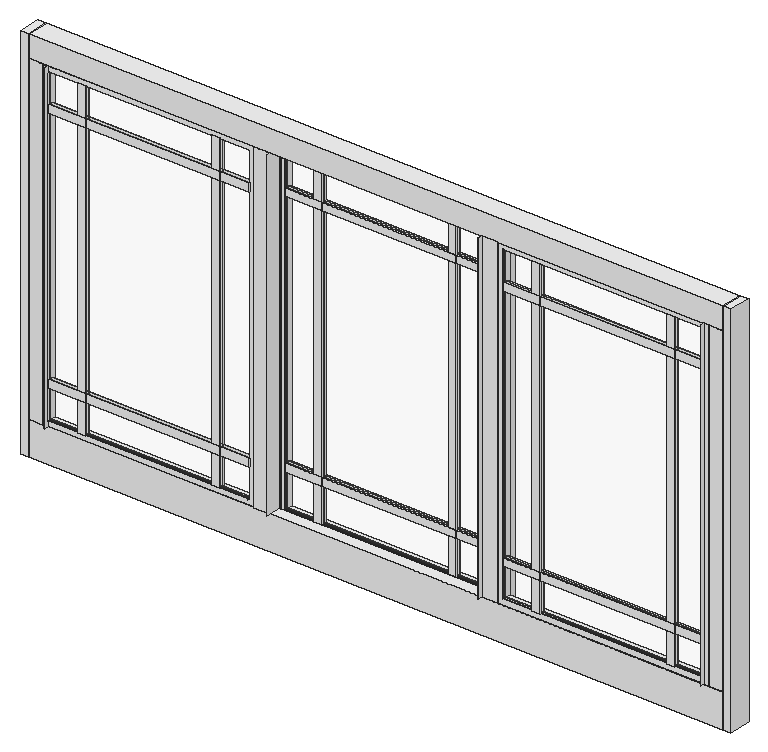
Revit family "Horizontal_Roller-PGT-Aluminum-HR710-XOX-Equald", category Windows, host Wall, Revit 2015
Parameters (values of type "Refer to Type Catalog")
  Width Calc Center = Width - (Width Calc + 6.755") * 2  # 25.49667"
  Width Calc = if(Equal Spacing, (Width - 13.51") / 3, (Width - 13.51") / 4)  # 25.49667"
  URL = "http://www.pgtindustries.com/"
  Type Comments = "XOX"  # constant formula
  Rough Width = Width  # 90"
  Rough Height = Height  # 48"
  Product Style Guide = "http://www.pgtindustries.com/pro-zone/architect/download?destination=node/97061"
  Product Page URL = "http://www.pgtindustries.com/product-overview/horizontal-roller-hr710-winguardr-aluminum-horizontal-roller-impact-resistant"
  Model = "HR710"  # constant formula
  Minimum Size = "52 1/8” x 14 5/8” OR 35 1/4” x 20 7/16”"  # constant formula
  Maximum Size = "85 1/8” x 63”"  # constant formula
  Manufacturer = "PGT Industries"  # constant formula
  Height Calc Center = Height - 7.058"  # 40.942"
  Height Calc = Height - 8.308"  # 39.692"
  Height = 48"
  Grid Type Right = Face_Based_Mullion_ 401 : BP
  Grid Type Left = Face_Based_Mullion_ 401 : BP
  Grid Type = Face_Based_Mullion_ 401 : BP
  Grid Layout Note = "To edit the grid layout ensure the 'Grid' parameter is turned on and then select an option from the 'Grid Type', 'Grid Type Left' & 'Grid Type Right' drop downs.  Please refer to the 'Product Style Guide' for standard configurations and restrictions."  # constant formula
  Grid = yes
  Finish = Metal - PGT - Paint - White
  Equal Spacing = yes
  Description = "Aluminum Horizontal Roller"  # constant formula
  Default Sill Height = 36"
  Wall Closure = By host
  Width = 90"
  Custom Design Note = "The types included show default grid/size configurations.  Please reference the 'Product Style Guide' to see all standard configurations and restrictions before creating custom designs.  Please contact PGT Industries with any questions regarding custom designs."  # constant formula
  Color Glass = Glass - PGT - Clear
  BP Calc Center = Width Calc / 6 + 5/8"  # 4.87444"
  BP Calc = Width Calc / 6  # 4.24944"
  Assembly Code = "B2020110"
  Analytic Construction = "<None>"
Reference planes (in)
  plane 1 "Center (Front/Back)": y = 0
  plane 2: z = 0
  plane 3 "Center (Left/Right)": x = 0
  plane 4 "Left": x = -45
  plane 5 "Right": x = 45
  plane 6 "Sill": z = 36
  plane 7 "Top": z = 84
  plane 8: x = 42.161
  plane 9: x = -12.74833
  plane 10: x = 15.41433
  plane 11: x = 12.74833
  plane 12: z = 82.001
  plane 13: z = 81.25
  plane 14: z = 40.308
  plane 15: z = 39.652
  plane 16 "Exterior Face of Wall": y = 3
  plane 17 "Exteior Face of Window": y = 3.062
  plane 18 "Interior Face of Window": y = 0.352
  plane 19: y = 0.414
  plane 20: x = 43.963
  plane 21: x = -13.37333
  plane 22: x = 16.03933
  plane 23: x = 13.37333
  plane 24: x = -42.161
  plane 25: x = -43.963
  plane 26: x = -15.41433
  plane 27: x = -16.03933
  plane 28: x = 41.536
  plane 29: x = -41.536
  plane 30: z = 40.933
  plane 31: z = 80.625
  plane 32: z = 81.875
  plane 33 "Exterior Face of Glass RL": y = 0.68949
  plane 34 "Exterior Face of Glass Center": y = 2.353
  plane 35: x = -28.78767
  plane 36: x = 28.78767
  plane 37: z = 60.779
  plane 38: y = -0.148
Forms (in)
  Sweep 1, solid, material "Metal - PGT - Paint - White" <- "Finish"
    path origin (0, 3, 0) x (-1, 0, 0) y (0, 0, 1)
      loop
        line (-12.74833, 81.25) -> (-12.74833, 40.308) -> (12.74833, 40.308) -> (12.74833, 81.25) -> (-12.74833, 81.25)
    profile "Profile-Sash : Profile-Sash" origin (0, 3, 81.25) x (0, 0, 1) y (0, 1, 0)
      loop
        line (0, 0) -> (0, -0.647) -> (0.503, -0.647) -> (0.503, -1.048) -> (0, -1.048) -> (0, -1.12299) -> (0.625, -1.12299) -> (0.625, 0) -> (0, 0)
  Sweep 2, solid, material "Metal - PGT - Paint - White" <- "Finish"
    path origin (-86.82032, 0.414, 48) x (-1, 0, 0) y (0, 0, 1)
      loop
        line (-102.23465, 33.25) -> (-128.98132, 33.25) -> (-128.98132, -7.692) -> (-102.23465, -7.692) -> (-102.23465, 33.25)
    profile "Profile-Sash_Inside : Profile-Sash_Inside" origin (28.78767, 0.414, 81.25) x (0, 0, -1) y (0, 1, 0)
      loop
        line (0.625, 1.12299) -> (0, 1.12299) -> (0, 0) -> (0.625, 0) -> (0.625, 0.07499) -> (0.122, 0.07499) -> (0.122, 0.47599) -> (0.625, 0.47599) -> (0.625, 1.12299)
  Extrusion 3, solid, material "Glass - PGT - Clear" <- "Color Glass"
    sketch origin (15.41433, 9, -12) x (0, 0, -1) y (0, 1, 0)
      loop
        line (-92.625, -8.51101) -> (-52.933, -8.51101) -> (-52.933, -8.38601) -> (-92.625, -8.38601) -> (-92.625, -8.51101)
      loop
        line (-52.933, -8.11001) -> (-92.625, -8.11001) -> (-92.625, -8.23501) -> (-52.933, -8.23501) -> (-52.933, -8.11001)
    from 0.625 to 26.12167
  Extrusion 4, solid, material "Metal - PGT - Paint - White" <- "Finish"
    sketch origin (0, 0, 36) x (0, -1, 0) y (1, 0, 0)
      loop
        line (-3.062, 45) -> (-3.062, 43.963) -> (-0.352, 43.963) -> (-0.352, 45) -> (-3.062, 45)
      loop
        line (-3.062, -45) -> (-0.352, -45) -> (-0.352, -43.963) -> (-3.062, -43.963) -> (-3.062, -45)
    from 0 to 48
  Extrusion 5, solid, material "Glass - PGT - Clear" <- "Color Glass"
    sketch origin (-12.74833, 9, 156) x (0, 0, 1) y (0, 1, 0)
      loop
        line (-74.75, -7.048) -> (-74.75, -6.923) -> (-115.692, -6.923) -> (-115.692, -7.048) -> (-74.75, -7.048)
      loop
        line (-74.75, -6.647) -> (-115.692, -6.647) -> (-115.692, -6.772) -> (-74.75, -6.772) -> (-74.75, -6.647)
    from 0 to -25.49667
  Extrusion 6, solid, material "Metal - PGT - Paint - White" <- "Finish"
    sketch origin (0, 0, 0) x (0, 1, 0) y (0, 0, 1)
      loop
        line (3.062, 84) -> (0.352, 84) -> (0.352, 81.25) -> (1.87701, 81.25) -> (1.87701, 81.875) -> (3.062, 81.875) -> (3.062, 84)
    from -43.963 to 43.963
  Extrusion 7, solid, material "Metal - PGT - Paint - White" <- "Finish"
    sketch origin (0, 0, 0) x (0, 1, 0) y (0, 0, 1)
      loop
        line (0.352, 36) -> (3.062, 36) -> (3.062, 39.683) -> (1.87701, 39.683) -> (1.87701, 40.308) -> (0.352, 40.308) -> (0.352, 36)
    from -43.963 to 43.963
  Extrusion 8, solid, material "Metal - PGT - Paint - White" <- "Finish"
    sketch origin (0, 0, 36) x (0, -1, 0) y (1, 0, 0)
      loop
        line (-3.062, 15.41433) -> (-3.062, 13.37333) -> (-1.87701, 13.37333) -> (-1.87701, 15.41433) -> (-3.062, 15.41433)
    from 3.683 to 45.875
  Extrusion 9, solid, material "Metal - PGT - Paint - White" <- "Finish"
    sketch origin (0, 0, 36) x (0, -1, 0) y (1, 0, 0)
      loop
        line (-1.87701, 13.37333) -> (0.148, 13.37333) -> (0.148, 13.43333) -> (-0.352, 13.43333) -> (-0.352, 15.41433) -> (-1.87701, 15.41433) -> (-1.87701, 13.37333)
      loop
        line (-1.87701, 43.963) -> (-1.87701, 42.50102)
        arc (-1.87701, 42.50102) -> (-1.77742, 42.26059) -> (-1.53699, 42.161) r 0.34002
        line (-1.53699, 42.161) -> (-0.414, 42.161) -> (-0.414, 41.536) -> (0.148, 41.536) -> (0.148, 41.596) -> (-0.352, 41.596) -> (-0.352, 43.963) -> (-1.87701, 43.963)
    from 4.308 to 45.25
  Sweep 10, solid, material "Metal - PGT - Paint - White" <- "Finish"
    path origin (86.82032, 0.414, 48) x (1, 0, 0) y (0, 0, -1)
      loop
        line (-102.23465, -33.25) -> (-102.23465, 7.692) -> (-128.98132, 7.692) -> (-128.98132, -33.25) -> (-102.23465, -33.25)
    profile "Profile-Sash_Inside : Profile-Sash_Inside" origin (-28.78767, 0.414, 81.25) x (0, 0, 1) y (0, 1, 0)
      loop
        line (-0.625, 1.12299) -> (-0.625, 0.47599) -> (-0.122, 0.47599) -> (-0.122, 0.07499) -> (-0.625, 0.07499) -> (-0.625, 0) -> (0, 0) -> (0, 1.12299) -> (-0.625, 1.12299)
  Extrusion 11, solid, material "Metal - PGT - Paint - White" <- "Finish"
    sketch origin (0, 0, 36) x (0, -1, 0) y (1, 0, 0)
      loop
        line (-3.062, -15.41433) -> (-1.87701, -15.41433) -> (-1.87701, -13.37333) -> (-3.062, -13.37333) -> (-3.062, -15.41433)
    from 3.683 to 45.875
  Extrusion 12, solid, material "Metal - PGT - Paint - White" <- "Finish"
    sketch origin (0, 0, 36) x (0, -1, 0) y (1, 0, 0)
      loop
        line (-1.87701, -13.37333) -> (-1.87701, -15.41433) -> (-0.352, -15.41433) -> (-0.352, -13.43333) -> (0.148, -13.43333) -> (0.148, -13.37333) -> (-1.87701, -13.37333)
      loop
        line (-1.87701, -43.963) -> (-0.352, -43.963) -> (-0.352, -41.596) -> (0.148, -41.596) -> (0.148, -41.536) -> (-0.414, -41.536) -> (-0.414, -42.161) -> (-1.53699, -42.161)
        arc (-1.53699, -42.161) -> (-1.77742, -42.26059) -> (-1.87701, -42.50102) r 0.34002
        line (-1.87701, -42.50102) -> (-1.87701, -43.963)
    from 4.308 to 45.25
  Extrusion 13, solid, material "Glass - PGT - Clear" <- "Color Glass"
    sketch origin (-12.41433, 9, -12) x (0, 0, -1) y (0, -1, 0)
      loop
        line (-92.625, 8.51101) -> (-92.625, 8.38601) -> (-52.933, 8.38601) -> (-52.933, 8.51101) -> (-92.625, 8.51101)
      loop
        line (-52.933, 8.11001) -> (-52.933, 8.23501) -> (-92.625, 8.23501) -> (-92.625, 8.11001) -> (-52.933, 8.11001)
    from 3.625 to 29.12167
Lines and regions (in)
  Opening 1
    outline origin (-60, -3, 0) x (1, 0, 0) y (0, 0, 1)
      loop
        line (15, 84) -> (15, 36) -> (105, 36) -> (105, 84) -> (15, 84)
  Masking region 1
    outline origin (0, 0, 36) x (0, -1, 0) y (1, 0, 0)
      loop
        line (-3.062, -45) -> (-0.352, -45) -> (-0.352, 45) -> (-3.062, 45) -> (-3.062, -45)
  Split face 1
    outline origin (-15.41433, 0.352, 36) x (0, 1, 0) y (0, 0, -1)
      loop
        line (0.062, -4.308) -> (0.062, -45.25)
  Split face 2
    outline origin (15.41433, 0.352, 36) x (0, 1, 0) y (0, 0, 1)
      loop
        line (0.062, 45.25) -> (0.062, 4.308)
  Split face 3
    outline origin (0, 1.812, 40.308) x (0, -1, 0) y (1, 0, 0)
      loop
        line (-0.06501, 13.37333) -> (0.27501, 13.37333) -> (0.27501, 43.963)
      loop
        line (-0.06501, -13.37333) -> (0.27501, -13.37333) -> (0.27501, -43.963)
  Split face 4
    outline origin (0, 1.87701, 81.25) x (-1, 0, 0) y (0, -1, 0)
      loop
        line (-43.963, 0.34002) -> (-13.37333, 0.34002) -> (-13.37333, 0)
      loop
        line (43.963, 0.34002) -> (13.37333, 0.34002) -> (13.37333, 0)
Text (in)
  text "EXTERIOR" at (-58.6888, 50.90694, 0), in view "Ref. Level"
  text "INTERIOR" at (-58.6888, -37.76638, 0), in view "Ref. Level"
  text "Exterior" at (0, 43.65631, 123.19604), in view "Left"
  text "Exterior" at (0, 18.29385, 125.04747), in view "Right"
Dimensions and locks (in)
  equal spacing: plane 4 "Left", plane 3 "Center (Left/Right)", plane 5 "Right"
  "Width": plane 4 "Left" to plane 5 "Right"
  "Height": plane 6 "Sill" to plane 7 "Top"
  "Default Sill Height": plane 2 to plane 6 "Sill"
  locked: plane 8 to plane 5 "Right" at 2.839
  locked: plane 13 to plane 7 "Top" at 2.75
  locked: plane 13 to plane 12 at 0.751
  locked: plane 6 "Sill" to plane 14 at 4.308
  plane 15 to plane 14 = 0.656"
  locked: plane 17 "Exteior Face of Window" to plane 16 "Exterior Face of Wall" at 0.062
  locked: plane 17 "Exteior Face of Window" to plane 18 "Interior Face of Window" at 2.71
  locked: plane 19 to plane 18 "Interior Face of Window" at 0.062
  locked: plane 10 to plane 11 at 2.666
  locked: plane 20 to plane 5 "Right" at 1.037
  locked: plane 22 to plane 10 at 0.625
  locked: plane 21 to plane 9 at 0.625
  locked: plane 23 to plane 11 at 0.625
  locked: plane 27 to plane 26 at 0.625
  locked: plane 24 to plane 4 "Left" at 2.839
  locked: plane 25 to plane 4 "Left" at 1.037
  locked: plane 28 to plane 8 at 0.625
  locked: plane 29 to plane 24 at 0.625
  locked: plane 26 to plane 9 at 2.666
  "Width Calc": plane 22 to plane 28
  "Width Calc": plane 29 to plane 27
  locked: plane 31 to plane 13 at 0.625
  locked: plane 14 to plane 30 at 0.625
  locked: plane 32 to plane 12 at 0.126
  plane 17 "Exteior Face of Window" to plane 34 "Exterior Face of Glass Center" to plane 33 "Exterior Face of Glass RL" = 0.709" locked, 1.66351" locked
  equal spacing: plane 22, plane 36, plane 28
  equal spacing: plane 29, plane 35, plane 27
  equal spacing: plane 30, plane 37, plane 31
  locked: plane 18 "Interior Face of Window" to plane 38 at 0.5
  aligned and locked: plane 7 "Top" to Opening 1 sketch curve
  aligned and locked: plane 6 "Sill" to Opening 1 sketch curve  (x2)
  aligned and locked: plane 5 "Right" to Opening 1 sketch curve
  aligned and locked: plane 4 "Left" to Opening 1 sketch curve
  aligned and locked: level to plane 2
  aligned and locked: plane 16 "Exterior Face of Wall" to host wall
  aligned and locked: plane 13 to Sweep 1 sketch curve
  aligned and locked: Sweep 1 sketch curve to plane 11
  aligned and locked: Sweep 1 sketch curve to plane 14
  aligned and locked: Sweep 1 sketch curve to plane 9
  aligned and locked: Sweep 2 sketch curve to plane 13
  aligned and locked: Sweep 2 sketch curve to plane 10
  aligned and locked: plane 14 to Sweep 2 sketch curve
  aligned and locked: Sweep 2 sketch curve to plane 8
  aligned and locked: Sweep 2 to Extrusion 3 sketch curve  (x4)
  aligned and locked: Extrusion 4 sketch curve to plane 17 "Exteior Face of Window"
  aligned and locked: plane 5 "Right" to Extrusion 4 sketch curve
  aligned and locked: plane 18 "Interior Face of Window" to Extrusion 4 sketch curve
  aligned and locked: Extrusion 4 sketch curve to plane 20
  aligned and locked: plane 17 "Exteior Face of Window" to Extrusion 4 sketch curve
  aligned and locked: Extrusion 4 sketch curve to plane 18 "Interior Face of Window"
  aligned and locked: Extrusion 5 sketch curve to Sweep 1  (x2)
  aligned and locked: plane 14 to Extrusion 5 sketch curve
  aligned and locked: Sweep 1 to Extrusion 5 sketch curve  (x2)
  aligned and locked: Extrusion 5 sketch curve to plane 14
  aligned and locked: plane 11 to Extrusion 5
  aligned and locked: Extrusion 3 to Sweep 2  (x3)
  aligned and locked: Extrusion 6 sketch curve to Sweep 1  (x2)
  aligned and locked: plane 7 "Top" to Extrusion 6 sketch curve
  aligned and locked: Extrusion 6 sketch curve to plane 17 "Exteior Face of Window"
  aligned and locked: plane 18 "Interior Face of Window" to Extrusion 6 sketch curve
  aligned and locked: Extrusion 6 sketch curve to plane 13
  aligned and locked: Extrusion 6 to plane 20
  aligned and locked: plane 6 "Sill" to Extrusion 7 sketch curve
  aligned and locked: plane 17 "Exteior Face of Window" to Extrusion 7 sketch curve
  aligned and locked: plane 14 to Extrusion 7 sketch curve
  aligned and locked: Extrusion 7 sketch curve to plane 18 "Interior Face of Window"
  aligned and locked: Extrusion 7 to plane 20
  aligned and locked: Extrusion 7 sketch curve to Sweep 1  (x2)
  aligned and locked: Extrusion 8 sketch curve to Extrusion 7
  aligned and locked: Extrusion 8 sketch curve to Sweep 1
  aligned and locked: plane 10 to Extrusion 8 sketch curve
  aligned and locked: plane 17 "Exteior Face of Window" to Extrusion 8 sketch curve
  aligned and locked: Extrusion 8 to Extrusion 7
  aligned and locked: plane 8 to Extrusion 9
  aligned and locked: Extrusion 9 to plane 20
  aligned and locked: plane 14 to Extrusion 9
  aligned and locked: plane 4 "Left" to Extrusion 4
  aligned and locked: plane 25 to Extrusion 4
  aligned and locked: Extrusion 7 to plane 25
  aligned and locked: Extrusion 6 to plane 25
  aligned and locked: Extrusion 11 to plane 21
  aligned and locked: plane 30 to Extrusion 13
  aligned and locked: Extrusion 13 to plane 31
  aligned and locked: Extrusion 4 to plane 7 "Top"
  aligned and locked: Extrusion 13 to plane 27
  aligned and locked: Extrusion 12 to plane 13
  aligned and locked: Extrusion 13 to plane 29
  aligned and locked: plane 4 "Left" to Masking region 1
  aligned and locked: plane 17 "Exteior Face of Window" to Extrusion 4
  aligned and locked: Extrusion 4 to plane 18 "Interior Face of Window"
  aligned and locked: Extrusion 9 to plane 13
  aligned and locked: Extrusion 11 to plane 32
  aligned and locked: Extrusion 8 to plane 32
  aligned and locked: nested 1 to plane 3 "Center (Left/Right)"
  aligned and locked: plane 17 "Exteior Face of Window" to nested 1
  aligned and locked: plane 36 to nested 2
  aligned and locked: plane 37 to nested 2
  aligned and locked: nested 3 to plane 3 "Center (Left/Right)"
  aligned and locked: plane 35 to nested 4
  aligned and locked: plane 37 to nested 4
  aligned and locked: plane 3 "Center (Left/Right)" to nested 3
  aligned and locked: plane 37 to nested 3
  aligned and locked: Extrusion 9 to plane 38  (x2)
  aligned and locked: Extrusion 12 to plane 38  (x2)
  aligned and locked: plane 14 to Split face 1 sketch curve
  aligned and locked: plane 13 to Split face 1 sketch curve
  aligned and locked: plane 13 to Split face 2 sketch curve
  aligned and locked: plane 14 to Split face 2 sketch curve
  aligned and locked: plane 20 to Split face 3 sketch curve
  aligned and locked: plane 23 to Split face 3 sketch curve
  aligned and locked: plane 25 to Split face 3 sketch curve
  aligned and locked: Split face 3 sketch curve to plane 21
  aligned and locked: plane 20 to Split face 4 sketch curve
  aligned and locked: plane 23 to Split face 4 sketch curve
  aligned and locked: Split face 4 sketch curve to plane 21
  aligned and locked: plane 25 to Split face 4 sketch curve
Automatic sketch dimensions
  Extrusion 5 sketch curve to Extrusion 5 sketch curve = 1/8"  (x2)
  plane 31 to Extrusion 3 sketch curve = 0"
  plane 30 to Extrusion 3 sketch curve = 0"
  Extrusion 3 sketch curve to Extrusion 3 sketch curve = 1/8"  (x2)
  Extrusion 4 sketch curve to plane 4 "Left" = 0"
  Extrusion 4 sketch curve to plane 25 = 0"
  Extrusion 9 sketch curve to plane 23 = 0"
  Extrusion 9 sketch curve to plane 20 = 0"
  Extrusion 9 sketch curve to plane 10 = 0"
  Extrusion 9 sketch curve to plane 8 = 0"
  Extrusion 9 sketch curve to plane 19 = 0"
  Extrusion 9 sketch curve to plane 18 "Interior Face of Window" = 0"  (x2)
  Extrusion 9 sketch curve to plane 28 = 0"
  plane 19 to Extrusion 9 sketch curve = 1.12299"
  Extrusion 9 sketch curve to host wall = 1.12299"  (x2)
  host wall to Extrusion 9 sketch curve = 0.148"  (x2)
  plane 23 to Extrusion 9 sketch curve = 0.06"
  Extrusion 9 sketch curve to Extrusion 9 sketch curve = 0.06"
  Masking region 1 sketch curve to plane 5 "Right" = 0"
  Masking region 1 sketch curve to plane 17 "Exteior Face of Window" = 0"
  Masking region 1 sketch curve to plane 18 "Interior Face of Window" = 0"
  Masking region 1 sketch curve to plane 29 = 3.464"
  Sweep 10 sketch curve to plane 13 = 0"
  Sweep 10 sketch curve to plane 24 = 0"
  Sweep 10 sketch curve to plane 14 = 0"
  plane 26 to Sweep 10 sketch curve = 0"
  Extrusion 11 sketch curve to plane 17 "Exteior Face of Window" = 0"
  Extrusion 11 sketch curve to plane 26 = 0"
  Extrusion 11 sketch curve to plane 21 = 0"
  host wall to Extrusion 11 sketch curve = 1.12299"
  Extrusion 12 sketch curve to plane 21 = 0"
  Extrusion 12 sketch curve to plane 25 = 0"
  Extrusion 12 sketch curve to plane 26 = 0"
  Extrusion 12 sketch curve to plane 24 = 0"
  Extrusion 12 sketch curve to plane 19 = 0"
  Extrusion 12 sketch curve to plane 18 "Interior Face of Window" = 0"  (x2)
  Extrusion 12 sketch curve to plane 29 = 0"
  Extrusion 12 sketch curve to Extrusion 12 sketch curve = 1.12299"
  host wall to Extrusion 12 sketch curve = 1.12299"  (x2)
  Extrusion 12 sketch curve to host wall = 0.148"  (x2)
  Extrusion 12 sketch curve to plane 21 = 0.06"
  plane 29 to Extrusion 12 sketch curve = 0.06"
  plane 31 to Extrusion 13 sketch curve = 0"  (x2)
  plane 30 to Extrusion 13 sketch curve = 0"  (x2)
  plane 19 to Extrusion 13 sketch curve = 0.47599"
  Extrusion 13 sketch curve to Extrusion 13 sketch curve = 1/8"
  Extrusion 13 sketch curve to Extrusion 13 sketch curve = 0.151"
  plane 19 to Extrusion 13 sketch curve = 0.07499"
  Split face 1 sketch curve to Extrusion 12 = 0.062"
  Split face 2 sketch curve to Extrusion 9 = 0.062"
  Split face 3 sketch curve to Extrusion 7 = 0"  (x2)
  Split face 3 sketch curve to Extrusion 7 = 0.34002"  (x2)
  Split face 4 sketch curve to Extrusion 6 = 0"  (x2)
  Split face 4 sketch curve to Extrusion 6 = 0.34002"  (x2)
Nested families (in)
  nested 1: "HR710 XOX" at (0, 3.062, 36) x (1, 0, 0) z (0, 0, -1), type "Plan2d"
    with Width Calc RL 25 127/256", Width 90"
  nested 2: "Face_Based_Mullion_ 401" at (28.78767, 0.88999, 60.779) x (-1, 0, 0) z (0, 1, 0), Width <- "Width Calc", BP Offset <- "BP Calc", Height <- "Height Calc", type <- "Grid Type Left", visible <- "Grid", type "BP"
    with Width 25.49667", Height 39.692", BP Offset 4.24944", Glass Thickness 103/256"
  nested 3: "Face_Based_Mullion_ 401" at (0, 2.353, 60.779) x (-1, 0, 0) z (0, 1, 0), Width <- "Width Calc Center", BP Offset <- "BP Calc Center", Height <- "Height Calc Center", type <- "Grid Type", visible <- "Grid", type "BP"
    with Width 25.49667", Height 40.942", BP Offset 4.87444", Glass Thickness 103/256"
  nested 4: "Face_Based_Mullion_ 401" at (-28.78767, 0.88999, 60.779) x (-1, 0, 0) z (0, 1, 0), Width <- "Width Calc", BP Offset <- "BP Calc", Height <- "Height Calc", type <- "Grid Type Right", visible <- "Grid", type "BP"
    with Width 25.49667", Height 39.692", BP Offset 4.24944", Glass Thickness 103/256"
Definition of nested family "Face_Based_Mullion_ 401"
  Parameters (values of type "1C4R")
    Width [instance] = 60"
    Mullion Interior = none
    Mullion = none
    Height [instance] = 60"
    Glass Thickness = 87/256"
    Default Elevation = 48"
    BP Offset [instance] = 4.57143"
    BPT = no
    BPR = no
    BPL = no
    BPB = no
    7R = no
    6R = no
    5R = no
    4R = yes
    4C = no
    3R = no
    3C = no
    2R = no
    2C = no
  Types (13): name | BPT | BPR | BPL | BPB | 4R | 4C | 3R | 2R | 2C
    2C2R | no | no | no | no | no | no | no | yes | yes
    2C3R | no | no | no | no | no | no | yes | no | yes
    2C4R | no | no | no | no | yes | no | no | no | yes
    BP | yes | yes | yes | yes | no | no | no | no | no
    4C4R | no | no | no | no | yes | yes | no | no | no
    BPTB | yes | no | no | yes | no | no | no | no | no
    BPR | yes | yes | no | yes | no | no | no | no | no
    BPL | yes | no | yes | yes | no | no | no | no | no
    4C3R | no | no | no | no | no | yes | yes | no | no
    4C2R | no | no | no | no | no | yes | no | yes | no
    1C4R | no | no | no | no | yes | no | no | no | no
    1C3R | no | no | no | no | no | no | yes | no | no
    1C2R | no | no | no | no | no | no | no | yes | no
  Reference planes (in)
    plane 1 "Center (Front/Back)": y = 0
    plane 2: z = 0
    plane 3 "Center (Left/Right)": x = 0
    plane 4: x = -30
    plane 5: x = 30
    plane 6: y = 30
    plane 7: y = -30
    plane 8: y = 10
    plane 9: y = -10
    plane 10: y = 20
    plane 11: y = -20
    plane 12: x = -10
    plane 13: x = 10
    plane 14: y = 15
    plane 15: y = -15
    plane 16: y = 18
    plane 17: y = 6
    plane 18: y = -6
    plane 19: y = -18
    plane 20: y = -21.42857
    plane 21: y = -12.85714
    plane 22: y = -4.28571
    plane 23: y = 21.42857
    plane 24: y = 12.85714
    plane 25: y = 4.28571
    plane 26: x = -20
    plane 27: x = 20
    plane 28: y = 25.42857
    plane 29: y = -25.42857
    plane 30: x = -15
    plane 31: x = 15
  Forms (in)
    Extrusion 1, solid
      sketch origin (0, 0, 0) x (1, 0, 0) y (0, 1, 0)
        loop
          line (-48, 48) -> (-48, -48) -> (48, -48) -> (48, 48) -> (-48, 48)
      from 0 to -12
  Lines and regions (in)
    model lines, visible <- "5R", detail levels coarse
      curve 1: line (-30, -18, 0) -> (30, -18, 0)
      curve 2: line (30, -6, 0) -> (-30, -6, 0)
      curve 3: line (30, 6, 0) -> (-30, 6, 0)
      curve 4: line (30, 18, 0) -> (-30, 18, 0)
    model lines, visible <- "2C", detail levels coarse
      curve 5: line (0, 30, 0) -> (0, -30, 0)
      curve 31: line (0, 30, 0) -> (0, -30, 0)
    model lines, visible <- "3C", detail levels coarse
      curve 6: line (-10, 30, 0) -> (-10, -30, 0)
      curve 7: line (10, 30, 0) -> (10, -30, 0)
    model lines, visible <- "6R", detail levels coarse
      curve 8: line (-30, 20, 0) -> (30, 20, 0)
      curve 9: line (-30, 10, 0) -> (30, 10, 0)
      curve 10: line (-30, 0, 0) -> (30, 0, 0)
      curve 11: line (-30, -10, 0) -> (30, -10, 0)
      curve 12: line (-30, -20, 0) -> (30, -20, 0)
    model lines, visible <- "4R", detail levels coarse
      curve 13: line (30, 15, 0) -> (-30, 15, 0)
      curve 14: line (30, 0, 0) -> (-30, 0, 0)
      curve 15: line (30, -15, 0) -> (-30, -15, 0)
    model lines, visible <- "7R", detail levels coarse
      curve 16: line (-30, 21.42857, 0) -> (30, 21.42857, 0)
      curve 17: line (30, 12.85714, 0) -> (-30, 12.85714, 0)
      curve 18: line (30, 4.28571, 0) -> (-30, 4.28571, 0)
      curve 19: line (30, -4.28571, 0) -> (-30, -4.28571, 0)
      curve 20: line (30, -12.85714, 0) -> (-30, -12.85714, 0)
      curve 21: line (30, -21.42857, 0) -> (-30, -21.42857, 0)
    model lines, visible <- "BPL", detail levels coarse
      curve 22: line (-20, 30, 0) -> (-20, -30, 0)
    model lines, visible <- "BPR", detail levels coarse
      curve 23: line (20, 30, 0) -> (20, -30, 0)
    model lines, visible <- "2R", detail levels coarse
      curve 24: line (-30, 0, 0) -> (30, 0, 0)
    model lines, visible <- "3R", detail levels coarse
      curve 25: line (-30, 10, 0) -> (30, 10, 0)
      curve 26: line (-30, -10, 0) -> (30, -10, 0)
    model lines, visible <- "BPB", detail levels coarse
      curve 27: line (-30, -25.42857, 0) -> (30, -25.42857, 0)
    model lines, visible <- "BPT", detail levels coarse
      curve 28: line (-30, 25.42857, 0) -> (30, 25.42857, 0)
    model lines, visible <- "4C", detail levels coarse
      curve 29: line (-15, 30, 0) -> (-15, -30, 0)
      curve 30: line (15, 30, 0) -> (15, -30, 0)
  Dimensions and locks (in)
    equal spacing: plane 6, plane 10, plane 8, plane 1 "Center (Front/Back)", plane 9, plane 11, plane 7
    equal spacing: plane 6, plane 14, plane 1 "Center (Front/Back)"
    equal spacing: plane 7, plane 15, plane 1 "Center (Front/Back)"
    equal spacing: plane 6, plane 16, plane 17, plane 18, plane 19, plane 7
    "Width": plane 4 to plane 5
    "Height": plane 6 to plane 7
    equal spacing: plane 6, plane 23, plane 24, plane 25, plane 22, plane 21, plane 20, plane 7
    equal spacing: plane 4, plane 26, plane 12, plane 3 "Center (Left/Right)", plane 13, plane 27, plane 5
    "BP Offset": plane 7 to plane 29
    "BP Offset": plane 6 to plane 28
    equal spacing: plane 4, plane 30, plane 3 "Center (Left/Right)"
    equal spacing: plane 3 "Center (Left/Right)", plane 31, plane 5
    aligned and locked: plane 2 to Extrusion 1
    aligned and locked: level to Extrusion 1
    aligned and locked: plane 4 to curve 1
    aligned and locked: curve 1 to plane 19
    aligned and locked: plane 18 to curve 2
    aligned and locked: plane 5 to curve 3
    aligned and locked: plane 17 to curve 3
    aligned and locked: plane 5 to curve 4
    aligned and locked: plane 16 to curve 4
    aligned and locked: plane 6 to curve 5
    aligned and locked: curve 5 to plane 3 "Center (Left/Right)"
    aligned and locked: plane 13 to curve 7
    aligned and locked: plane 4 to curve 8
    aligned and locked: curve 8 to plane 10
    aligned and locked: plane 4 to curve 9
    aligned and locked: curve 9 to plane 8
    aligned and locked: plane 4 to curve 10
    aligned and locked: plane 1 "Center (Front/Back)" to curve 10
    aligned and locked: plane 4 to curve 11
    aligned and locked: curve 11 to plane 9
    aligned and locked: plane 4 to curve 12
    aligned and locked: curve 12 to plane 11
    aligned and locked: plane 5 to curve 13
    aligned and locked: curve 13 to plane 14
    aligned and locked: plane 5 to curve 14
    aligned and locked: curve 14 to plane 1 "Center (Front/Back)"
    aligned and locked: plane 5 to curve 15
    aligned and locked: plane 15 to curve 15
    aligned and locked: plane 4 to curve 16
    aligned and locked: curve 16 to plane 23
    aligned and locked: plane 5 to curve 17
    aligned and locked: plane 24 to curve 17
    aligned and locked: plane 5 to curve 18
    aligned and locked: plane 25 to curve 18
    aligned and locked: plane 5 to curve 19
    aligned and locked: plane 22 to curve 19
    aligned and locked: plane 5 to curve 20
    aligned and locked: plane 21 to curve 20
    aligned and locked: plane 5 to curve 21
    aligned and locked: plane 20 to curve 21
    aligned and locked: plane 6 to curve 22
    aligned and locked: curve 22 to plane 26
    aligned and locked: plane 6 to curve 23
    aligned and locked: curve 23 to plane 27
    aligned and locked: plane 4 to curve 24
    aligned and locked: plane 1 "Center (Front/Back)" to curve 24
    aligned and locked: plane 4 to curve 25
    aligned and locked: curve 25 to plane 8
    aligned and locked: plane 4 to curve 26
    aligned and locked: curve 26 to plane 9
    aligned and locked: plane 4 to curve 27
    aligned and locked: plane 29 to curve 27
    aligned and locked: plane 4 to curve 28
    aligned and locked: plane 5 to curve 28
    aligned and locked: curve 28 to plane 28
    aligned and locked: nested 2 to plane 1 "Center (Front/Back)"
    aligned and locked: plane 3 "Center (Left/Right)" to nested 1
    aligned and locked: plane 8 to nested 4
    aligned and locked: plane 9 to nested 3
    aligned and locked: plane 3 "Center (Left/Right)" to nested 3
    aligned and locked: plane 3 "Center (Left/Right)" to nested 4
    aligned and locked: plane 12 to nested 5
    aligned and locked: nested 6 to plane 13
    aligned and locked: plane 1 "Center (Front/Back)" to nested 5
    aligned and locked: plane 1 "Center (Front/Back)" to nested 6
    aligned and locked: nested 7 to plane 14
    aligned and locked: plane 3 "Center (Left/Right)" to nested 7
    aligned and locked: nested 8 to plane 1 "Center (Front/Back)"
    aligned and locked: plane 3 "Center (Left/Right)" to nested 8
    aligned and locked: plane 15 to nested 9
    aligned and locked: plane 3 "Center (Left/Right)" to nested 9
    aligned and locked: plane 19 to nested 13
    aligned and locked: plane 3 "Center (Left/Right)" to nested 13
    aligned and locked: plane 18 to nested 12
    aligned and locked: plane 3 "Center (Left/Right)" to nested 12
    aligned and locked: plane 17 to nested 11
    aligned and locked: plane 3 "Center (Left/Right)" to nested 11
    aligned and locked: plane 16 to nested 10
    aligned and locked: plane 3 "Center (Left/Right)" to nested 10
    aligned and locked: plane 10 to nested 18
    aligned and locked: plane 3 "Center (Left/Right)" to nested 18
    aligned and locked: plane 8 to nested 17
    aligned and locked: plane 3 "Center (Left/Right)" to nested 17
    aligned and locked: nested 16 to plane 1 "Center (Front/Back)"
    aligned and locked: plane 3 "Center (Left/Right)" to nested 16
    aligned and locked: plane 9 to nested 15
    aligned and locked: plane 3 "Center (Left/Right)" to nested 15
    aligned and locked: plane 11 to nested 14
    aligned and locked: plane 3 "Center (Left/Right)" to nested 14
    aligned and locked: plane 23 to nested 23
    aligned and locked: plane 3 "Center (Left/Right)" to nested 23
    aligned and locked: plane 24 to nested 22
    aligned and locked: plane 3 "Center (Left/Right)" to nested 22
    aligned and locked: plane 25 to nested 21
    aligned and locked: plane 3 "Center (Left/Right)" to nested 21
    aligned and locked: plane 21 to nested 20
    aligned and locked: plane 3 "Center (Left/Right)" to nested 20
    aligned and locked: plane 20 to nested 19
    aligned and locked: plane 3 "Center (Left/Right)" to nested 19
    aligned and locked: plane 22 to nested 24
    aligned and locked: plane 3 "Center (Left/Right)" to nested 24
    aligned and locked: plane 28 to nested 27
    aligned and locked: plane 3 "Center (Left/Right)" to nested 27
    aligned and locked: plane 27 to nested 26
    aligned and locked: plane 26 to nested 25
    aligned and locked: plane 1 "Center (Front/Back)" to nested 26
    aligned and locked: plane 1 "Center (Front/Back)" to nested 25
    aligned and locked: nested 28 to plane 29
    aligned and locked: plane 3 "Center (Left/Right)" to nested 28
    aligned and locked: curve 29 to plane 30
    aligned and locked: plane 6 to curve 29
    aligned and locked: plane 7 to curve 29
    aligned and locked: plane 6 to curve 30
    aligned and locked: curve 30 to plane 31
    aligned and locked: plane 30 to nested 30
    aligned and locked: plane 31 to nested 29
    aligned and locked: plane 1 "Center (Front/Back)" to nested 30
    aligned and locked: plane 1 "Center (Front/Back)" to nested 29
    aligned and locked: plane 6 to curve 31
    aligned and locked: curve 31 to plane 3 "Center (Left/Right)"
    aligned and locked: plane 3 "Center (Left/Right)" to nested 31
    aligned and locked: plane 1 "Center (Front/Back)" to nested 31
    aligned and locked: plane 6 to nested 31
    aligned and locked: plane 7 to nested 31
  Automatic sketch dimensions
    Extrusion 1 sketch curve to Extrusion 1 sketch curve = 96"  (x2)
    curve 15 to plane 4 = 0"
    curve 2 to plane 4 = 0"
    curve 18 to plane 4 = 0"
    curve 3 to plane 4 = 0"
    curve 4 to plane 4 = 0"
    curve 14 to plane 4 = 0"
    curve 19 to plane 4 = 0"
    curve 13 to plane 4 = 0"
    curve 20 to plane 4 = 0"
    curve 21 to plane 4 = 0"
    curve 17 to plane 4 = 0"
    curve 6 to plane 7 = 0"
    curve 6 to plane 12 = 0"
    curve 12 to plane 5 = 0"
    curve 11 to plane 5 = 0"
    curve 10 to plane 5 = 0"
    curve 24 to plane 5 = 0"
    curve 8 to plane 5 = 0"
    curve 25 to plane 5 = 0"
    curve 26 to plane 5 = 0"
    curve 27 to plane 5 = 0"
    curve 2 to plane 5 = 0"
    curve 9 to plane 5 = 0"
    curve 1 to plane 5 = 0"
    curve 16 to plane 5 = 0"
    curve 31 to plane 7 = 0"
    curve 7 to plane 7 = 0"
    curve 30 to plane 7 = 0"
    curve 5 to plane 7 = 0"
    curve 22 to plane 7 = 0"
    curve 23 to plane 7 = 0"
    curve 6 to plane 6 = 0"
    curve 7 to plane 6 = 0"
  Nested families (in)
    nested 1: "Mullion 1 Inch Spacing" at (0, 0, 0), visible <- "2C", Length <- "Height", type "Mullion", detail levels medium+fine
      with Length 60"
    nested 2: "Mullion 1 Inch Spacing" at (0, 0, 0) x (0, 1, 0) z (0, 0, 1), visible <- "2R", Length <- "Width", type "Mullion", detail levels medium+fine
      with Length 60"
    nested 3: "Mullion 1 Inch Spacing" at (0, -10, 0) x (0, 1, 0) z (0, 0, 1), visible <- "3R", Length <- "Width", type "Mullion", detail levels medium+fine
      with Length 60"
    nested 4: "Mullion 1 Inch Spacing" at (0, 10, 0) x (0, 1, 0) z (0, 0, 1), visible <- "3R", Length <- "Width", type "Mullion", detail levels medium+fine
      with Length 60"
    nested 5: "Mullion 1 Inch Spacing" at (-10, 0, 0), visible <- "3C", Length <- "Height", type "Mullion", detail levels medium+fine
      with Length 60"
    nested 6: "Mullion 1 Inch Spacing" at (10, 0, 0), visible <- "3C", Length <- "Height", type "Mullion", detail levels medium+fine
      with Length 60"
    nested 7: "Mullion 1 Inch Spacing" at (0, 15, 0) x (0, 1, 0) z (0, 0, 1), visible <- "4R", Length <- "Width", type "Mullion", detail levels medium+fine
      with Length 60"
    nested 8: "Mullion 1 Inch Spacing" at (0, 0, 0) x (0, 1, 0) z (0, 0, 1), visible <- "4R", Length <- "Width", type "Mullion", detail levels medium+fine
      with Length 60"
    nested 9: "Mullion 1 Inch Spacing" at (0, -15, 0) x (0, 1, 0) z (0, 0, 1), visible <- "4R", Length <- "Width", type "Mullion", detail levels medium+fine
      with Length 60"
    nested 10: "Mullion 1 Inch Spacing" at (0, 18, 0) x (0, 1, 0) z (0, 0, 1), Length <- "Width", visible <- "5R", type "Mullion", detail levels medium+fine
      with Length 60"
    nested 11: "Mullion 1 Inch Spacing" at (0, 6, 0) x (0, 1, 0) z (0, 0, 1), Length <- "Width", visible <- "5R", type "Mullion", detail levels medium+fine
      with Length 60"
    nested 12: "Mullion 1 Inch Spacing" at (0, -6, 0) x (0, 1, 0) z (0, 0, 1), Length <- "Width", visible <- "5R", type "Mullion", detail levels medium+fine
      with Length 60"
    nested 13: "Mullion 1 Inch Spacing" at (0, -18, 0) x (0, 1, 0) z (0, 0, 1), Length <- "Width", visible <- "5R", type "Mullion", detail levels medium+fine
      with Length 60"
    nested 14: "Mullion 1 Inch Spacing" at (0, -20, 0) x (0, 1, 0) z (0, 0, 1), visible <- "6R", Length <- "Width", type "Mullion", detail levels medium+fine
      with Length 60"
    nested 15: "Mullion 1 Inch Spacing" at (0, -10, 0) x (0, 1, 0) z (0, 0, 1), visible <- "6R", Length <- "Width", type "Mullion", detail levels medium+fine
      with Length 60"
    nested 16: "Mullion 1 Inch Spacing" at (0, 0, 0) x (0, 1, 0) z (0, 0, 1), visible <- "6R", Length <- "Width", type "Mullion", detail levels medium+fine
      with Length 60"
    nested 17: "Mullion 1 Inch Spacing" at (0, 10, 0) x (0, 1, 0) z (0, 0, 1), visible <- "6R", Length <- "Width", type "Mullion", detail levels medium+fine
      with Length 60"
    nested 18: "Mullion 1 Inch Spacing" at (0, 20, 0) x (0, 1, 0) z (0, 0, 1), visible <- "6R", Length <- "Width", type "Mullion", detail levels medium+fine
      with Length 60"
    nested 19: "Mullion 1 Inch Spacing" at (0, -21.42857, 0) x (0, 1, 0) z (0, 0, 1), visible <- "7R", Length <- "Width", type "Mullion", detail levels medium+fine
      with Length 60"
    nested 20: "Mullion 1 Inch Spacing" at (0, -12.85714, 0) x (0, 1, 0) z (0, 0, 1), visible <- "7R", Length <- "Width", type "Mullion", detail levels medium+fine
      with Length 60"
    nested 21: "Mullion 1 Inch Spacing" at (0, 4.28571, 0) x (0, 1, 0) z (0, 0, 1), visible <- "7R", Length <- "Width", type "Mullion", detail levels medium+fine
      with Length 60"
    nested 22: "Mullion 1 Inch Spacing" at (0, 12.85714, 0) x (0, 1, 0) z (0, 0, 1), visible <- "7R", Length <- "Width", type "Mullion", detail levels medium+fine
      with Length 60"
    nested 23: "Mullion 1 Inch Spacing" at (0, 21.42857, 0) x (0, 1, 0) z (0, 0, 1), visible <- "7R", Length <- "Width", type "Mullion", detail levels medium+fine
      with Length 60"
    nested 24: "Mullion 1 Inch Spacing" at (0, -4.28571, 0) x (0, 1, 0) z (0, 0, 1), visible <- "7R", Length <- "Width", type "Mullion", detail levels medium+fine
      with Length 60"
    nested 25: "Mullion 1 Inch Spacing" at (-20, 0, 0), Length <- "Height", visible <- "BPL", type "Mullion", detail levels medium+fine
      with Length 60"
    nested 26: "Mullion 1 Inch Spacing" at (20, 0, 0), Length <- "Height", visible <- "BPR", type "Mullion", detail levels medium+fine
      with Length 60"
    nested 27: "Mullion 1 Inch Spacing" at (0, 25.42857, 0) x (0, 1, 0) z (0, 0, 1), visible <- "BPT", Length <- "Width", type "Mullion", detail levels medium+fine
      with Length 60"
    nested 28: "Mullion 1 Inch Spacing" at (0, -25.42857, 0) x (0, 1, 0) z (0, 0, 1), Length <- "Width", visible <- "BPB", type "Mullion", detail levels medium+fine
      with Length 60"
    nested 29: "Mullion 1 Inch Spacing" at (15, 0, 0), visible <- "4C", Length <- "Height", type "Mullion", detail levels medium+fine
      with Length 60"
    nested 30: "Mullion 1 Inch Spacing" at (-15, 0, 0), visible <- "4C", Length <- "Height", type "Mullion", detail levels medium+fine
      with Length 60"
    nested 31: "Mullion 1 Inch Spacing" at (0, 0, 0), visible <- "4C", Length <- "Height", type "Mullion", detail levels medium+fine
      with Length 60"
  Definition of nested family "Mullion 1 Inch Spacing"
    Parameters (values of type "Mullion")
      Mullion Interior = none
      Mullion = none
      Length [instance] = 60"
      Glass Thickness = 87/256"
      Default Elevation = 48"
    Reference planes (in)
      plane 1 "Center (Front/Back)": y = 0
      plane 2: z = 0
      plane 3 "Center (Left/Right)": x = 0
      plane 4: y = 30
      plane 5: y = -30
      plane 6: z = -0.33984
    Forms (in)
      Extrusion 1, solid
        sketch origin (0, 0, 0) x (1, 0, 0) y (0, 1, 0)
          loop
            line (-48, 48) -> (-48, -48) -> (48, -48) -> (48, 48) -> (-48, 48)
        from 0 to -12
      Sweep 2, solid, material <- "Mullion"
        path origin (0, 0, 0) x (1, 0, 0) y (0, 1, 0)
          loop
            line (0, -30) -> (0, 30)
        profile origin (0, 0, 0) x (-1, 0, 0) y (0, 0, 1)
          loop
            line (-0.5, 0) -> (0.5, 0) -> (0.5, 0.1) -> (-0.5, 0.1) -> (-0.5, 0)
          loop
            line (-0.5, -0.43984) -> (0.5, -0.43984) -> (0.5, -0.33984) -> (-0.5, -0.33984) -> (-0.5, -0.43984)
    Dimensions and locks (in)
      equal spacing: plane 4, plane 1 "Center (Front/Back)", plane 5
      "Length": plane 4 to plane 5
      locked: plane 6 to Sweep 2 sketch curve at 0.1
      "Glass Thickness": Extrusion 1 to plane 6
      aligned and locked: plane 2 to Extrusion 1
      aligned and locked: level to Extrusion 1
      aligned and locked: plane 3 "Center (Left/Right)" to Sweep 2 sketch curve
      aligned and locked: plane 5 to Sweep 2 sketch curve
      aligned and locked: plane 6 to Sweep 2 sketch curve
    Automatic sketch dimensions
      Extrusion 1 sketch curve to Extrusion 1 sketch curve = 96"  (x2)
      Sweep 2 sketch curve to plane 4 = 0"
      Sweep 2 sketch curve to level = 0"
      profile plane to Sweep 2 sketch curve = 1/2"
      Sweep 2 sketch curve to Sweep 2 sketch curve = 0"  (x2)
      Sweep 2 sketch curve to profile plane = 1/2"
      level to Sweep 2 sketch curve = 0.1"
Definition of nested family "HR710 XOX"
  Parameters (values of type "Plan2d")
    Width Calc RL = if(Equal Spacing, (Width - 13 131/256") / 3, (Width - 13 131/256") / 4)  # 19 127/256"
    Width = 72"
    Equal Spacing = yes
  Reference planes (in)
    plane 1 "Center (Front/Back)": y = 0
    plane 2: z = 0
    plane 3 "Center (Left/Right)": x = 0
    plane 4: x = -36
    plane 5: x = 36
    plane 6: x = -32.52845
    plane 7: x = -13.03236
    plane 8: x = -9.74136
    plane 9: x = 9.74891
    plane 10: x = 13.03991
    plane 11: x = 32.536
  Lines and regions (in)
    detail lines, in view "Ref. Level"
      curve 1: line (-12.40736, 0, 36) -> (-9.74136, 0, 36)
      curve 3: line (-34.963, -2.71, 36) -> (-32.52845, -2.71, 36)
      curve 5: line (9.74891, -1.18499, 36) -> (12.41491, -1.18499, 36)
      curve 6: line (10.37391, -1.52501, 36) -> (10.37391, -2.71, 36)
      curve 7: line (10.37391, -2.71, 36) -> (13.03991, -2.71, 36)
      curve 9: line (13.03991, -1.52501, 36) -> (12.41491, -1.52501, 36)
      curve 10: line (12.41491, -1.18499, 36) -> (12.41491, 0, 36)
      curve 11: line (12.41491, 0, 36) -> (9.74891, 0, 36)
      curve 12: line (36, 0, 36) -> (36, -2.71, 36)
      curve 13: line (36, -2.71, 36) -> (32.536, -2.71, 36)
      curve 15: line (32.536, -1.52501, 36) -> (33.161, -1.52501, 36)
      curve 16: arc (33.50102, -1.18499, 36) -> (33.26059, -1.28458, 36) -> (33.161, -1.52501, 36) r 0.34002
      curve 17: line (33.50102, -1.18499, 36) -> (34.963, -1.18499, 36)
      curve 18: line (34.963, -2.71, 36) -> (34.963, 0, 36)
      curve 19: line (34.963, 0, 36) -> (36, 0, 36)
      curve 21: line (-9.74136, -1.18499, 36) -> (9.74891, -1.18499, 36)
      curve 22: line (13.03991, -1.52501, 36) -> (32.536, -1.52501, 36)
      curve 24: line (12.41491, -1.52501, 36) -> (10.37391, -1.52501, 36)
      curve 45: line (-10.36636, -1.52501, 36) -> (-10.36636, -2.71, 36)
      curve 46: line (-10.36636, -2.71, 36) -> (-13.03236, -2.71, 36)
      curve 48: line (-13.03236, -1.52501, 36) -> (-12.40736, -1.52501, 36)
      curve 49: line (-12.40736, -1.18499, 36) -> (-12.40736, 0, 36)
      curve 50: line (-12.40736, -1.52501, 36) -> (-10.36636, -1.52501, 36)
      curve 55: line (-36, 0, 36) -> (-34.963, 0, 36)
      curve 56: line (-36, -2.71, 36) -> (-36, 0, 36)
      curve 57: line (-34.963, -2.71, 36) -> (-36, -2.71, 36)
      curve 58: line (-34.963, 0, 36) -> (-34.963, -2.71, 36)
      curve 59: line (-34.963, -1.18499, 36) -> (-33.49347, -1.18499, 36)
      curve 60: arc (-33.15345, -1.52501, 36) -> (-33.25304, -1.28458, 36) -> (-33.49347, -1.18499, 36) r 0.34002
      curve 61: line (-33.15345, -1.52501, 36) -> (-32.52845, -1.52501, 36)
      curve 78: line (-9.74136, -1.18499, 36) -> (-12.40736, -1.18499, 36)
      curve 79: line (-13.03236, -1.52501, 36) -> (-32.52845, -1.52501, 36)
      curve 81: line (13.03991, -1.52501, 36) -> (13.03991, -2.17201, 36)
      curve 82: line (13.03991, -2.57301, 36) -> (13.03991, -2.71, 36)
    detail lines, in view "Ref. Level", detail levels coarse
      curve 2: line (-9.74136, 0, 36) -> (-9.74136, -1.18499, 36)
      curve 4: line (9.74891, 0, 36) -> (9.74891, -1.18499, 36)
      curve 8: line (13.03991, -2.71, 36) -> (13.03991, -1.52501, 36)
      curve 14: line (32.536, -2.71, 36) -> (32.536, -1.52501, 36)
      curve 20: line (-9.74136, -0.9095, 36) -> (9.74891, -0.9095, 36)
      curve 44: line (13.03991, -2.37251, 36) -> (32.536, -2.37251, 36)
      curve 47: line (-13.03236, -2.71, 36) -> (-13.03236, -1.52501, 36)
      curve 72: line (-32.52845, -2.37251, 36) -> (-13.03236, -2.37251, 36)
      curve 73: line (13.03991, -1.52501, 36) -> (13.03991, -2.71, 36)
      curve 80: line (-32.52845, -1.52501, 36) -> (-32.52845, -2.71, 36)
    detail lines, in view "Ref. Level", detail levels medium+fine
      curve 23: line (33.161, -1.52501, 36) -> (33.161, -2.71, 36)
      curve 25: line (-9.74136, 0, 36) -> (-9.74136, -0.709, 36)
      curve 26: line (10.25191, -0.709, 36) -> (-10.24436, -0.709, 36)
      curve 27: line (-10.24436, -0.709, 36) -> (-10.24436, -1.11, 36)
      curve 28: line (-10.24436, -1.11, 36) -> (10.25191, -1.11, 36)
      curve 29: line (10.25191, -1.11, 36) -> (10.25191, -0.709, 36)
      curve 30: line (9.74891, 0, 36) -> (9.74891, -0.709, 36)
      curve 31: line (9.74891, -1.11, 36) -> (9.74891, -1.18499, 36)
      curve 32: line (-9.74136, -1.11, 36) -> (-9.74136, -1.18499, 36)
      curve 33: line (32.536, -1.52501, 36) -> (32.536, -2.17201, 36)
      curve 34: line (32.536, -2.57301, 36) -> (32.536, -2.71, 36)
      curve 35: line (33.039, -2.17201, 36) -> (33.039, -2.57301, 36)
      curve 36: line (12.53691, -2.57301, 36) -> (12.53691, -2.17201, 36)
      curve 37: line (12.53691, -2.17201, 36) -> (33.039, -2.17201, 36)
      curve 38: line (13.03991, -1.52501, 36) -> (13.03991, -2.17201, 36)
      curve 39: line (13.03991, -2.57301, 36) -> (13.03991, -2.71, 36)
      curve 40: line (-9.74136, -1.11, 36) -> (9.74891, -1.11, 36)
      curve 51: line (-10.24436, -1.11, 36) -> (-10.24436, -0.709, 36)
      curve 52: line (-12.52936, -2.57301, 36) -> (-12.52936, -2.17201, 36)
      curve 53: line (-13.03236, -1.52501, 36) -> (-13.03236, -2.17201, 36)
      curve 54: line (-13.03236, -2.57301, 36) -> (-13.03236, -2.71, 36)
      curve 62: line (-32.52845, -1.52501, 36) -> (-32.52845, -2.17201, 36)
      curve 63: line (-32.52845, -2.57301, 36) -> (-32.52845, -2.71, 36)
      curve 64: line (-33.15345, -1.52501, 36) -> (-33.15345, -2.71, 36)
      curve 65: line (-33.03145, -2.17201, 36) -> (-33.03145, -2.57301, 36)
      curve 66: line (-12.52936, -2.17201, 36) -> (-13.03236, -2.17201, 36)
      curve 67: line (-12.52936, -2.57301, 36) -> (-13.03236, -2.57301, 36)
      curve 68: line (-32.52845, -2.17201, 36) -> (-13.03236, -2.17201, 36)
      curve 69: line (-13.03236, -2.57301, 36) -> (-32.52845, -2.57301, 36)
      curve 75: line (33.039, -2.57301, 36) -> (12.53691, -2.57301, 36)
      curve 76: line (12.41491, -1.52501, 36) -> (12.41491, -2.71, 36)
      curve 77: line (10.37391, -1.18499, 36) -> (10.37391, 0, 36)
      curve 83: line (-32.52845, -2.17201, 36) -> (-33.03145, -2.17201, 36)
      curve 84: line (-32.52845, -2.57301, 36) -> (-33.03145, -2.57301, 36)
      curve 85: line (-10.36636, -1.18499, 36) -> (-10.36636, 0, 36)
      curve 86: line (-12.40736, -2.71, 36) -> (-12.40736, -1.52501, 36)
    detail lines, in view "Ref. Level", detail levels fine
      curve 41: line (-10.24436, -0.834, 36) -> (10.25191, -0.834, 36)
      curve 42: line (12.53691, -2.29701, 36) -> (33.039, -2.29701, 36)
      curve 43: line (10.25191, -0.985, 36) -> (-10.24436, -0.985, 36)
      curve 70: line (-33.03145, -2.44801, 36) -> (-12.52936, -2.44801, 36)
      curve 71: line (-12.52936, -2.29701, 36) -> (-33.03145, -2.29701, 36)
      curve 74: line (12.53691, -2.44801, 36) -> (33.039, -2.44801, 36)
  Dimensions and locks (in)
    "Width": plane 4 to plane 5
    equal spacing: plane 4, plane 3 "Center (Left/Right)", plane 5
    locked: plane 4 to plane 6 at 3.47155
    locked: plane 7 to plane 8 at 3.291
    locked: plane 9 to plane 10 at 3.291
    locked: plane 11 to plane 5 at 3.464
    "Width Calc RL": plane 6 to plane 7
    "Width Calc RL": plane 10 to plane 11
  Automatic sketch dimensions
    plane 1 "Center (Front/Back)" to curve 1 = 0"
    curve 1 to plane 8 = 0"
    curve 1 to plane 7 = 5/8"
    plane 1 "Center (Front/Back)" to curve 2 = 0"
    curve 2 to plane 8 = 0"
    curve 2 to curve 2 = 1.18499"
    curve 3 to plane 6 = 0"
    plane 1 "Center (Front/Back)" to curve 3 = 2.71"
    curve 3 to plane 4 = 1.037"
    plane 1 "Center (Front/Back)" to curve 4 = 0"
    curve 4 to plane 9 = 0"
    plane 1 "Center (Front/Back)" to curve 4 = 1.18499"
    curve 5 to plane 9 = 0"
    plane 1 "Center (Front/Back)" to curve 5 = 1.18499"
    plane 10 to curve 5 = 5/8"
    curve 6 to plane 9 = 5/8"
    plane 1 "Center (Front/Back)" to curve 6 = 1.52501"
    curve 6 to curve 6 = 1.18499"
    curve 7 to plane 10 = 0"
    plane 1 "Center (Front/Back)" to curve 7 = 2.71"
    curve 7 to plane 9 = 5/8"
    curve 8 to plane 10 = 0"
    plane 1 "Center (Front/Back)" to curve 8 = 1.52501"
    curve 8 to curve 8 = 1.18499"
    curve 9 to plane 10 = 0"
    plane 10 to curve 9 = 5/8"
    plane 1 "Center (Front/Back)" to curve 9 = 1.52501"
    plane 1 "Center (Front/Back)" to curve 10 = 0"
    plane 10 to curve 10 = 5/8"
    plane 1 "Center (Front/Back)" to curve 10 = 1.18499"
    plane 1 "Center (Front/Back)" to curve 11 = 0"
    curve 11 to plane 9 = 0"
    plane 10 to curve 11 = 5/8"
    plane 1 "Center (Front/Back)" to curve 12 = 0"
    curve 12 to plane 5 = 0"
    plane 1 "Center (Front/Back)" to curve 12 = 2.71"
    curve 13 to plane 11 = 0"
    curve 13 to plane 5 = 0"
    plane 1 "Center (Front/Back)" to curve 13 = 2.71"
    curve 14 to plane 11 = 0"
    plane 1 "Center (Front/Back)" to curve 14 = 1.52501"
    curve 14 to curve 14 = 1.18499"
    curve 15 to plane 11 = 0"
    curve 15 to plane 11 = 5/8"
    plane 1 "Center (Front/Back)" to curve 15 = 1.52501"
    plane 1 "Center (Front/Back)" to curve 16 = 1.52501"
    curve 16 to plane 11 = 0.96502"
    curve 16 to curve 16 = 0.34002"
    plane 1 "Center (Front/Back)" to curve 17 = 1.18499"
    curve 17 to plane 11 = 0.96502"
    plane 5 to curve 17 = 1.037"
    plane 1 "Center (Front/Back)" to curve 18 = 0"
    plane 5 to curve 18 = 1.037"
    plane 1 "Center (Front/Back)" to curve 18 = 2.71"
    plane 1 "Center (Front/Back)" to curve 19 = 0"
    curve 19 to plane 5 = 0"
    curve 19 to curve 19 = 1.037"
    curve 20 to plane 9 = 0"
    curve 20 to plane 8 = 0"
    plane 1 "Center (Front/Back)" to curve 20 = 0.9095"
    curve 21 to plane 9 = 0"
    curve 21 to plane 8 = 0"
    plane 1 "Center (Front/Back)" to curve 21 = 1.18499"
    curve 22 to plane 11 = 0"
    curve 22 to plane 10 = 0"
    plane 1 "Center (Front/Back)" to curve 22 = 1.52501"
    curve 23 to plane 11 = 5/8"
    plane 1 "Center (Front/Back)" to curve 23 = 1.52501"
    curve 23 to curve 23 = 1.18499"
    curve 24 to plane 9 = 5/8"
    plane 1 "Center (Front/Back)" to curve 24 = 1.52501"
    plane 10 to curve 24 = 5/8"
    plane 1 "Center (Front/Back)" to curve 25 = 0"
    curve 25 to plane 8 = 0"
    curve 25 to curve 25 = 0.709"
    plane 1 "Center (Front/Back)" to curve 26 = 0.709"
    plane 8 to curve 26 = 0.503"
    curve 26 to plane 9 = 0.503"
    plane 1 "Center (Front/Back)" to curve 27 = 0.709"
    plane 8 to curve 27 = 0.503"
    curve 27 to curve 27 = 0.401"
    curve 28 to plane 9 = 0.503"
    plane 1 "Center (Front/Back)" to curve 28 = 1.11"
    plane 8 to curve 28 = 0.503"
    plane 1 "Center (Front/Back)" to curve 29 = 0.709"
    curve 29 to plane 9 = 0.503"
    curve 29 to curve 29 = 0.401"
    plane 1 "Center (Front/Back)" to curve 30 = 0"
    curve 30 to plane 9 = 0"
    plane 1 "Center (Front/Back)" to curve 30 = 0.709"
    curve 31 to plane 9 = 0"
    plane 1 "Center (Front/Back)" to curve 31 = 1.11"
    curve 31 to curve 31 = 0.07499"
    curve 32 to plane 8 = 0"
    plane 1 "Center (Front/Back)" to curve 32 = 1.11"
    curve 32 to curve 32 = 0.07499"
    curve 33 to plane 11 = 0"
    plane 1 "Center (Front/Back)" to curve 33 = 1.52501"
    curve 33 to curve 33 = 0.647"
    curve 34 to plane 11 = 0"
    plane 1 "Center (Front/Back)" to curve 34 = 2.57301"
    curve 34 to curve 34 = 0.13699"
    curve 35 to plane 11 = 0.503"
    plane 1 "Center (Front/Back)" to curve 35 = 2.17201"
    curve 35 to curve 35 = 0.401"
    plane 10 to curve 36 = 0.503"
    plane 1 "Center (Front/Back)" to curve 36 = 2.17201"
    curve 36 to curve 36 = 0.401"
    curve 37 to plane 11 = 0.503"
    plane 1 "Center (Front/Back)" to curve 37 = 2.17201"
    plane 10 to curve 37 = 0.503"
    curve 38 to plane 10 = 0"
    plane 1 "Center (Front/Back)" to curve 38 = 1.52501"
    curve 38 to curve 38 = 0.647"
    curve 39 to plane 10 = 0"
    plane 1 "Center (Front/Back)" to curve 39 = 2.57301"
    curve 39 to curve 39 = 0.13699"
    curve 40 to plane 9 = 0"
    curve 40 to plane 8 = 0"
    plane 1 "Center (Front/Back)" to curve 40 = 1.11"
    plane 1 "Center (Front/Back)" to curve 41 = 0.834"
    plane 8 to curve 41 = 0.503"
    curve 41 to plane 9 = 0.503"
    curve 42 to plane 11 = 0.503"
    plane 1 "Center (Front/Back)" to curve 42 = 2.29701"
    plane 10 to curve 42 = 0.503"
    plane 1 "Center (Front/Back)" to curve 43 = 0.985"
    plane 8 to curve 43 = 0.503"
    curve 43 to plane 9 = 0.503"
    curve 44 to plane 11 = 0"
    curve 44 to plane 10 = 0"
    plane 1 "Center (Front/Back)" to curve 44 = 2.37251"
    plane 8 to curve 45 = 5/8"
    plane 1 "Center (Front/Back)" to curve 45 = 1.52501"
    curve 45 to curve 45 = 1.18499"
    curve 46 to plane 7 = 0"
    plane 1 "Center (Front/Back)" to curve 46 = 2.71"
    plane 8 to curve 46 = 5/8"
    curve 47 to plane 7 = 0"
    plane 1 "Center (Front/Back)" to curve 47 = 1.52501"
    curve 47 to curve 47 = 1.18499"
    curve 48 to plane 7 = 0"
    curve 48 to plane 7 = 5/8"
    plane 1 "Center (Front/Back)" to curve 48 = 1.52501"
    plane 1 "Center (Front/Back)" to curve 49 = 0"
    curve 49 to plane 7 = 5/8"
    curve 49 to curve 49 = 1.18499"
    plane 8 to curve 50 = 5/8"
    plane 1 "Center (Front/Back)" to curve 50 = 1.52501"
    curve 50 to plane 7 = 5/8"
    plane 1 "Center (Front/Back)" to curve 51 = 0.709"
    plane 8 to curve 51 = 0.503"
    curve 51 to curve 51 = 0.401"
    curve 52 to plane 7 = 0.503"
    plane 1 "Center (Front/Back)" to curve 52 = 2.17201"
    curve 52 to curve 52 = 0.401"
    curve 53 to plane 7 = 0"
    plane 1 "Center (Front/Back)" to curve 53 = 1.52501"
    curve 53 to curve 53 = 0.647"
    curve 54 to plane 7 = 0"
    plane 1 "Center (Front/Back)" to curve 54 = 2.57301"
    curve 54 to curve 54 = 0.13699"
    plane 1 "Center (Front/Back)" to curve 55 = 0"
    curve 55 to plane 4 = 0"
    curve 55 to plane 4 = 1.037"
    plane 1 "Center (Front/Back)" to curve 56 = 0"
    curve 56 to plane 4 = 0"
    plane 1 "Center (Front/Back)" to curve 56 = 2.71"
    curve 57 to plane 4 = 0"
    plane 1 "Center (Front/Back)" to curve 57 = 2.71"
    curve 57 to plane 4 = 1.037"
    plane 1 "Center (Front/Back)" to curve 58 = 0"
    curve 58 to plane 4 = 1.037"
    plane 1 "Center (Front/Back)" to curve 58 = 2.71"
    plane 1 "Center (Front/Back)" to curve 59 = 1.18499"
    curve 59 to plane 4 = 1.037"
    plane 6 to curve 59 = 0.96502"
    plane 1 "Center (Front/Back)" to curve 60 = 1.52501"
    plane 6 to curve 60 = 0.96502"
    curve 60 to curve 60 = 0.34002"
    curve 61 to plane 6 = 0"
    plane 1 "Center (Front/Back)" to curve 61 = 1.52501"
    curve 61 to curve 61 = 5/8"
    curve 62 to plane 6 = 0"
    plane 1 "Center (Front/Back)" to curve 62 = 1.52501"
    curve 62 to curve 62 = 0.647"
    curve 63 to plane 6 = 0"
    plane 1 "Center (Front/Back)" to curve 63 = 2.57301"
    curve 63 to curve 63 = 0.13699"
    plane 6 to curve 64 = 5/8"
    plane 1 "Center (Front/Back)" to curve 64 = 1.52501"
    curve 64 to curve 64 = 1.18499"
    plane 6 to curve 65 = 0.503"
    plane 1 "Center (Front/Back)" to curve 65 = 2.17201"
    curve 65 to curve 65 = 0.401"
    curve 66 to plane 7 = 0"
    plane 1 "Center (Front/Back)" to curve 66 = 2.17201"
    curve 66 to plane 7 = 0.503"
    curve 67 to plane 7 = 0"
    plane 1 "Center (Front/Back)" to curve 67 = 2.57301"
    curve 67 to plane 7 = 0.503"
    curve 68 to plane 7 = 0"
    curve 68 to plane 6 = 0"
    plane 1 "Center (Front/Back)" to curve 68 = 2.17201"
    curve 69 to plane 6 = 0"
    curve 69 to plane 7 = 0"
    plane 1 "Center (Front/Back)" to curve 69 = 2.57301"
    curve 70 to plane 7 = 0.503"
    plane 1 "Center (Front/Back)" to curve 70 = 2.44801"
    plane 6 to curve 70 = 0.503"
    plane 6 to curve 71 = 0.503"
    plane 1 "Center (Front/Back)" to curve 71 = 2.29701"
    curve 71 to plane 7 = 0.503"
    curve 72 to plane 7 = 0"
    curve 72 to plane 6 = 0"
    plane 1 "Center (Front/Back)" to curve 72 = 2.37251"
    curve 73 to plane 10 = 0"
    plane 1 "Center (Front/Back)" to curve 73 = 1.52501"
    curve 73 to curve 73 = 1.18499"
    curve 74 to plane 11 = 0.503"
    plane 1 "Center (Front/Back)" to curve 74 = 2.44801"
    plane 10 to curve 74 = 0.503"
    plane 10 to curve 75 = 0.503"
    plane 1 "Center (Front/Back)" to curve 75 = 2.57301"
    curve 75 to plane 11 = 0.503"
    plane 10 to curve 76 = 5/8"
    plane 1 "Center (Front/Back)" to curve 76 = 1.52501"
    curve 76 to curve 76 = 1.18499"
    plane 1 "Center (Front/Back)" to curve 77 = 0"
    curve 77 to plane 9 = 5/8"
    plane 1 "Center (Front/Back)" to curve 77 = 1.18499"
    curve 78 to plane 8 = 0"
    plane 1 "Center (Front/Back)" to curve 78 = 1.18499"
    curve 78 to plane 7 = 5/8"
    curve 79 to plane 6 = 0"
    curve 79 to plane 7 = 0"
    plane 1 "Center (Front/Back)" to curve 79 = 1.52501"
    curve 80 to plane 6 = 0"
    plane 1 "Center (Front/Back)" to curve 80 = 1.52501"
    curve 80 to curve 80 = 1.18499"
    curve 81 to plane 10 = 0"
    plane 1 "Center (Front/Back)" to curve 81 = 1.52501"
    curve 81 to curve 81 = 0.647"
    curve 82 to plane 10 = 0"
    plane 1 "Center (Front/Back)" to curve 82 = 2.57301"
    curve 82 to curve 82 = 0.13699"
    curve 83 to plane 6 = 0"
    plane 6 to curve 83 = 0.503"
    plane 1 "Center (Front/Back)" to curve 83 = 2.17201"
    curve 84 to plane 6 = 0"
    plane 6 to curve 84 = 0.503"
    plane 1 "Center (Front/Back)" to curve 84 = 2.57301"
    plane 1 "Center (Front/Back)" to curve 85 = 0"
    plane 8 to curve 85 = 5/8"
    curve 85 to curve 85 = 1.18499"
    curve 86 to plane 7 = 5/8"
    plane 1 "Center (Front/Back)" to curve 86 = 1.52501"
    curve 86 to curve 86 = 1.18499"
